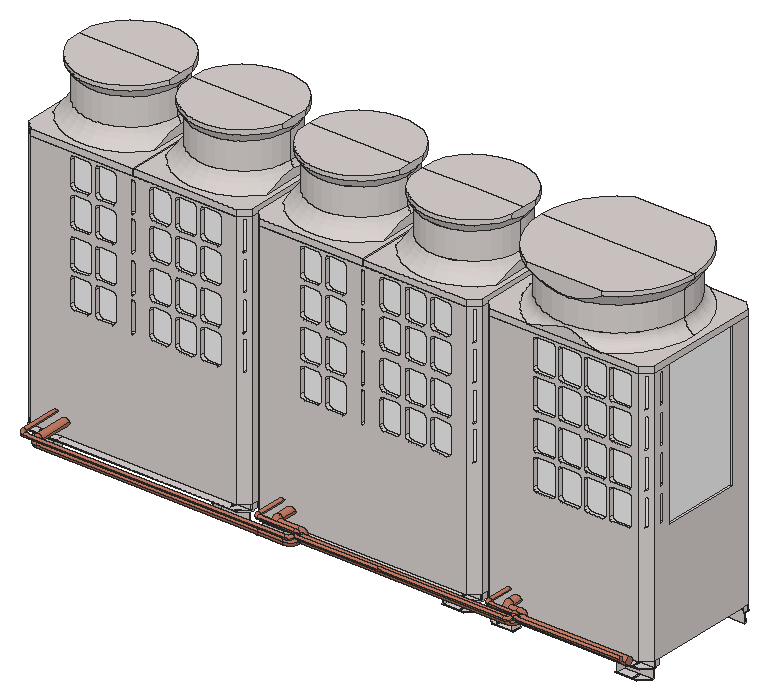
Revit family "PUHY-EP950YSNW-A", category Mechanical Equipment, Revit 2012
Parameters (values of type "PUHY-P950YSNW-A_415V_60Hz")
  Sound Pressure Level (dB(A)) Heating mode = 0
  Sound Pressure Level (dB(A)) Cooling mode = 68
  Model = "PUHY-P950YSNW-A"
  Width = 3460 mm
  WarrantyStart = ""
  Voltage = 415 V
  Unit Weight (kg) = 781
  URL = "http://www.mitsubishielectric.com/"
  Temp. range of heating (Outdoor temp.) (W.B.) = "-20.0 to 15.5"
  Temp. range of heating (Indoor temp.) (D.B.) = "15.0 to 27.0"
  TagNumber = 0
  Subcategory = "HVAC"
  Space View = yes
  SerialNumber = 0
  ReplacementYear = ""
  Refrigerant type = "R410A"
  Refrigerant Charge (kg) = 26.1
  Protection Devices_Inverter circuit (COMP./FAN) = "Over-heat protection, Over-current protection"
  Protection Devices_High pressure (MPa) = "High pressure sensor, High pressure switch at 4.15"
  Phase = 3
  Manufacturer = "Mitsubishi Electric Corporation"
  Outdoor unit 3 = PUHY-EP250YNW-A : PUHY-EP250YNW-A
  Outdoor unit 2 = PUHY-EP350YNW-A : PUHY-EP350YNW-A
  Outdoor unit 1 = PUHY-EP350YNW-A : PUHY-EP350YNW-A
  Note_1 = "Refrigerant pipe diameters may change depending on the installation condition. Please refer to the installation manual."
  Maximum Circuit Ampacity (A) = 70.6
  Liquid pipe_radius = 9.525 mm
  InstallationDate = ""
  Indoor Unit Total Capacity = "50 to 130% of outdoor unit capacity"
  Indoor Unit Model/Quantity = "P15 to P250/2 to 50"
  Hertz = 60 Hz
  Height = 1858 mm
  Heating Power Input (kW) = 27.2
  Heating Current (A) = 42
  Heating Capacity (kW) = 119.5
  Heating COP (kW/kW) = 4.39
  Gas pipe_radius = 20.64 mm
  Fan_Type = "Propeller Fan"
  Fan_Quantity = 5
  Fan Motor Output (kW) = 2.76
  External static pressure (Pa) = 0
  External Finish = "Pre-coated galvanized steel sheets (+powder coating for -BS type) <MUNSELL 5Y 8/1 or similar>"
  Equip_description = ""
  Equip_No. = 0
  Equip_ID = ""
  Description = ""
  Depth = 740 mm
  CreatedOn = ""
  CreatedBy = ""
  Cooling Power Input (kW) = 26.13
  Cooling EER (kW/kW) = 4.13
  Cooling Current (A) = 40.3
  Cooling Capacity (kW) = 108
  Compressor_Type = "Inverter scroll hermetic compressor"
  Compressor_Quantity = 3
  Compressor_Lubricant = "MEL32"
  Compressor Motor Output (kW) = 26.6
  Category = ""
  Barcode = ""
  AssetIdentifier = ""
  Airflow Rate (m3/min) = 725
  Airflow Rate (m3/h) = 43500
Reference planes
  plane 1 "Center (Front/Back)": y = 0
  plane 2: z = 0
  plane 3 "Center (Left/Right)": x = -160
  plane 4: z = 1710
  plane 5: z = 60
  plane 6: y = 370
  plane 7 "front": y = -370
  plane 8: x = -1890
  plane 9: x = 1570
  plane 10: x = -620
  plane 11: x = 620
  plane 12: x = -650
  plane 13: x = 650
  plane 14: y = 370
  plane 15: y = -370
  plane 16: z = 1858
Forms (mm)
  Sweep 1, solid, material "Copper"
    path origin (137.855, 17.925, 207.255) x (0, -1, 0) y (1, 0, 0)
      loop
        line (380, -1839.039) -> (605, -1839.039)
        arc (605, -1839.039) -> (626.213, -1830.253) -> (635, -1809.039) r 30
        line (635, -1809.039) -> (635, -368.337)
        arc (635, -368.337) -> (629.142, -354.195) -> (615, -348.337) r 20
        line (615, -348.337) -> (590, -348.337)
        arc (590, -348.337) -> (575.858, -354.195) -> (570, -368.337) r 20
        line (570, -368.337) -> (570, -568.337)
        arc (570, -568.337) -> (564.142, -582.479) -> (550, -588.337) r 20
        line (550, -588.337) -> (380, -588.337)
    profile origin (-1701.184, -474.575, 207.255) x (1, 0, 0) y (0, 0, 1)
      loop
        circle (0, 0) r 9.525
  Sweep 2, solid, material "Copper"
    path origin (111.295, 17.925, 173.255) x (-1, 0, 0) y (0, -1, 0)
      loop
        line (1758.141, 380) -> (1758.141, 575)
        arc (1758.141, 575) -> (1747.889, 599.749) -> (1723.141, 610) r 35
        line (1723.141, 610) -> (502, 610) -> (364.723, 610)
        arc (364.723, 610) -> (339.974, 599.749) -> (329.723, 575) r 35
        line (329.723, 575) -> (329.723, 545)
        arc (329.723, 545) -> (339.974, 520.251) -> (364.723, 510) r 35
        line (364.723, 510) -> (475.673, 510)
        arc (475.673, 510) -> (500.421, 499.749) -> (510.673, 475) r 35
        line (510.673, 475) -> (510.673, 380)
    profile origin (-1646.846, -459.575, 173.255) x (1, 0, 0) y (0, 0, 1)
      loop
        circle (0, 0) r 20.64
  Sweep 3, solid, material "Copper"
    path origin (214.685, 17.925, 207.255) x (0, -1, 0) y (1, 0, 0)
      loop
        line (605, -426.689) -> (605, 43.311) -> (605, 737.327)
        arc (605, 737.327) -> (599.142, 751.469) -> (585, 757.327) r 20
        line (585, 757.327) -> (560.96, 757.327)
        arc (560.96, 757.327) -> (546.818, 751.469) -> (540.96, 737.327) r 20
        line (540.96, 737.327) -> (540.96, 607.327)
        arc (540.96, 607.327) -> (535.102, 593.185) -> (520.96, 587.327) r 20
        line (520.96, 587.327) -> (380, 587.327)
    profile origin (22.996, -587.075, 207.255) x (0, 1, 0) y (0, 0, 1)
      loop
        circle (0, 0) r 9.525
  Sweep 4, solid, material "Copper"
    path origin (188.125, 17.925, 173.255) x (-1, 0, 0) y (0, -1, 0)
      loop
        line (406.853, 555.96) -> (-741.149, 555.96)
        arc (-741.149, 555.96) -> (-765.897, 545.709) -> (-776.149, 520.96) r 35
        line (-776.149, 520.96) -> (-776.149, 510)
        arc (-776.149, 510) -> (-765.897, 485.251) -> (-741.149, 475) r 35
        line (-741.149, 475) -> (-696.149, 475)
        arc (-696.149, 475) -> (-671.4, 464.749) -> (-661.149, 440) r 35
        line (-661.149, 440) -> (-661.149, 380)
    profile origin (355.273, -538.035, 173.255) x (0, 1, 0) y (0, 0, 1)
      loop
        circle (0, 0) r 20.64
  Sweep 5, solid, material "Copper"
    path origin (114.685, 17.925, 207.255) x (0, -1, 0) y (1, 0, 0)
      loop
        line (572.806, 865.315) -> (572.806, 1455.315)
    profile origin (1275, -554.881, 207.255) x (0, 1, 0) y (0, 0, 1)
      loop
        circle (0, 0) r 9.525
  Sweep 6, solid, material "Copper"
    path origin (88.125, 17.925, 173.255) x (-1, 0, 0) y (0, -1, 0)
      loop
        line (-886.875, 515.995) -> (-1481.875, 515.995)
    profile origin (1272.5, -498.07, 173.255) x (0, 1, 0) y (0, 0, 1)
      loop
        circle (0, 0) r 20.64
Dimensions and locks
  nested 2 to nested 1 = 30 mm
  nested 1 to nested 3 = 30 mm
  nested 1 to nested 1 = 1240 mm
  nested 2 to nested 2 = 1240 mm
  nested 3 to nested 3 = 920 mm
  "Liquid pipe_radius": radius of Sweep 5 sketch curve
  "Gas pipe_radius": radius of Sweep 6 sketch curve
  aligned and locked: level to plane 2
Automatic sketch dimensions
  Sweep 1 sketch curve to plane 7 "front" = 7.925 mm  (x2)
  plane 7 "front" to Sweep 1 sketch curve = 162.075 mm
  Sweep 1 sketch curve to plane 3 "Center (Left/Right)" = 70.482 mm
  Sweep 1 sketch curve to Sweep 1 sketch curve = 20 mm
  Sweep 1 sketch curve to plane 3 "Center (Left/Right)" = 50.482 mm
  plane 7 "front" to Sweep 1 sketch curve = 217.075 mm
  Sweep 1 sketch curve to Sweep 1 sketch curve = 25 mm
  Sweep 1 sketch curve to Sweep 1 sketch curve = 30 mm
  Sweep 1 sketch curve to plane 3 "Center (Left/Right)" = 270.482 mm
  profile plane to Sweep 1 sketch curve = 0 mm
  Sweep 1 sketch curve to profile plane = 0 mm
  Sweep 2 sketch curve to plane 3 "Center (Left/Right)" = 58.427 mm
  Sweep 2 sketch curve to plane 3 "Center (Left/Right)" = 93.427 mm  (x2)
  Sweep 2 sketch curve to plane 3 "Center (Left/Right)" = 204.377 mm
  Sweep 2 sketch curve to plane 3 "Center (Left/Right)" = 230.705 mm
  Sweep 2 sketch curve to Sweep 2 sketch curve = 35 mm  (x2)
  plane 7 "front" to Sweep 2 sketch curve = 222.075 mm
  Sweep 2 sketch curve to Sweep 2 sketch curve = 30 mm
  Sweep 2 sketch curve to plane 7 "front" = 7.925 mm  (x2)
  profile plane to Sweep 2 sketch curve = 0 mm
  Sweep 2 sketch curve to profile plane = 0 mm
  Sweep 3 sketch curve to profile plane = 0 mm  (x2)
  plane 7 "front" to Sweep 4 sketch curve = 122.075 mm
  plane 7 "front" to Sweep 4 sketch curve = 87.075 mm
  Sweep 4 sketch curve to Sweep 4 sketch curve = 0 mm
  Sweep 4 sketch curve to Sweep 4 sketch curve = 45 mm
  plane 7 "front" to Sweep 4 sketch curve = 52.075 mm
  Sweep 4 sketch curve to plane 3 "Center (Left/Right)" = 58.728 mm
  Sweep 4 sketch curve to Sweep 4 sketch curve = 60 mm
  Sweep 4 sketch curve to Sweep 4 sketch curve = 10.96 mm
  Sweep 4 sketch curve to profile plane = 0 mm  (x2)
  Sweep 5 sketch curve to profile plane = 0 mm  (x2)
  Sweep 6 sketch curve to profile plane = 0 mm  (x2)
  Sweep 3 sketch curve to plane 7 "front" = 7.925 mm
  plane 7 "front" to Sweep 3 sketch curve = 133.035 mm
  Sweep 3 sketch curve to Sweep 3 sketch curve = 20 mm  (x2)
  Sweep 3 sketch curve to Sweep 3 sketch curve = 24.04 mm
  plane 7 "front" to Sweep 3 sketch curve = 217.075 mm
  Sweep 3 sketch curve to plane 3 "Center (Left/Right)" = 52.004 mm
  Sweep 3 sketch curve to Sweep 3 sketch curve = 470 mm
  Sweep 3 sketch curve to Sweep 3 sketch curve = 544.016 mm
  Sweep 3 sketch curve to Sweep 3 sketch curve = 130 mm
  Sweep 1 sketch curve to Sweep 1 sketch curve = 1220.702 mm
  Sweep 2 sketch curve to Sweep 2 sketch curve = 1212.468 mm
  Sweep 4 sketch curve to Sweep 4 sketch curve = 1068.002 mm
  Sweep 5 sketch curve to plane 9 = 0 mm
  plane 7 "front" to Sweep 5 sketch curve = 184.881 mm
  plane 13 to Sweep 5 sketch curve = 330 mm
  Sweep 6 sketch curve to plane 9 = 0 mm
  plane 7 "front" to Sweep 6 sketch curve = 128.07 mm
  plane 13 to Sweep 6 sketch curve = 325 mm
  radius of Sweep 1 sketch curve = 9.525 mm
  radius of Sweep 2 sketch curve = 20.64 mm
  radius of Sweep 3 sketch curve = 9.525 mm
  radius of Sweep 4 sketch curve = 20.64 mm
Nested families
  nested 1: "PUHY-EP350YNW-A" at (0, 0, 0), type <- "Outdoor unit 2", type "PUHY-EP350YNW-A"
  nested 2: "PUHY-EP350YNW-A" at (-1270, 0, 0), type <- "Outdoor unit 1", type "PUHY-EP350YNW-A"
  nested 3: "PUHY-EP250YNW-A" at (1110, 0, 0), type <- "Outdoor unit 3", type "PUHY-EP250YNW-A"
Connectors
  piping at (1570, -498.07, 173.255), driven by "Gas pipe_radius"
    settings: on Sweep 6, index 1, connector radius 20.64 mm, flow factor 0, pipe flow 0.0 L/s, pressure drop 0.0 Pa, fitting loss kfactor 0, connector angle 0.00°, fixture units 0, engagement length 0 mm, flow configuration 0, flow direction 0, fitting loss method 0, system type 22, joint type 0, gender type 0, connector reference index -1, connector utility 0, adjustable connector no, is connector primary yes, fitting loss table "", connector description "Indoor unit-Twinning pipe(Gas)"
  piping at (1570, -554.881, 207.255), driven by "Liquid pipe_radius"
    settings: on Sweep 5, index 2, connector radius 9.525 mm, flow factor 0, pipe flow 0.0 L/s, pressure drop 0.0 Pa, fitting loss kfactor 0, connector angle 0.00°, fixture units 0, engagement length 0 mm, flow configuration 0, flow direction 0, fitting loss method 0, system type 22, joint type 0, gender type 0, connector reference index -1, connector utility 0, adjustable connector no, is connector primary no, fitting loss table "", connector description "Indoor unit-Twinning pipe(Liquid)"
  electrical at (992, -370, 279), driven by "Phase", driven by "Voltage"
    settings: index 3, voltage 415 V, apparent load 0 VA, apparent load phase1 0 VA, apparent load phase2 0 VA, apparent load phase3 0 VA, power factor 1, load classification "その他", number of poles 3, system type 30, power factor state 1, is connector primary yes, connector utility no, sub classification motor no, connector description ""
  electrical at (-258, -370, 279), driven by "Phase", driven by "Voltage"
    settings: index 4, voltage 415 V, apparent load 0 VA, apparent load phase1 0 VA, apparent load phase2 0 VA, apparent load phase3 0 VA, power factor 1, load classification "その他", number of poles 3, system type 30, power factor state 1, is connector primary no, connector utility no, sub classification motor no, connector description ""
  electrical at (-1508, -370, 279), driven by "Phase", driven by "Voltage"
    settings: index 5, voltage 415 V, apparent load 0 VA, apparent load phase1 0 VA, apparent load phase2 0 VA, apparent load phase3 0 VA, power factor 1, load classification "その他", number of poles 3, system type 30, power factor state 1, is connector primary no, connector utility no, sub classification motor no, connector description ""
Definition of nested family "PUHY-EP350YNW-A"
  Parameters (values of type "PUHY-P350YNW-A")
    Model = "PUHY-P350YNW-A"
    URL = "http://www.mitsubishielectric.com/"
    Manufacturer = "Mitsubishi Electric Corporation"
    Liquid pipe_radius = 12.7 mm
    Gas pipe_radius = 14.29 mm
  Reference planes
    plane 1 "Center (Front/Back)": y = 0
    plane 2: z = 0
    plane 3 "Center (Left/Right)": x = 0
    plane 4: y = 370
    plane 5: z = 1858
    plane 6: y = -260
    plane 7: y = -204
    plane 8: y = -185
    plane 9: x = -620
    plane 10: x = 620
    plane 11: x = -620
    plane 12: z = 716
    plane 13: x = -524
    plane 14: z = 669
    plane 15: x = -50.5
    plane 16: x = 51
    plane 17: x = 489
    plane 18: x = 467
    plane 19 "132": x = 488
    plane 20 "100": z = 160
    plane 21: z = 185
    plane 22: x = 413
    plane 23: x = 364
    plane 24: z = 150
    plane 25: x = -287.25
    plane 26: x = -137.25
    plane 27: x = -272.25
    plane 28: y = -278
    plane 29: z = 1509
    plane 30: y = -370
    plane 31: x = -530
    plane 32: x = 530
    plane 33 "179": y = -191
  Forms (mm)
    Extrusion 1, solid, material "Paint_5Y 8/1"
      sketch origin (-1, 0, 113) x (-1, 0, 0) y (0, -1, 0)
        loop
          line (569, -370) -> (619, -320) -> (619, 320) -> (569, 370) -> (-571, 370) -> (-621, 320) -> (-621, -320) -> (-571, -370) -> (569, -370)
      from -18 to 1408
    Extrusion 2, void
      sketch origin (524, -370, 113) x (1, 0, 0) y (0, 0, -1)
        loop
          arc (-60.8, -1393.5) -> (-42.557, -1385.943) -> (-35, -1367.7) r 25.8
          line (-35, -1367.7) -> (-35, -1248.5)
          arc (-35, -1248.5) -> (-42.557, -1230.257) -> (-60.8, -1222.7) r 25.8
          line (-60.8, -1222.7) -> (-126, -1222.7)
          arc (-126, -1222.7) -> (-144.243, -1230.257) -> (-151.8, -1248.5) r 25.8
          line (-151.8, -1248.5) -> (-151.8, -1367.7)
          arc (-151.8, -1367.7) -> (-144.243, -1385.943) -> (-126, -1393.5) r 25.8
          line (-126, -1393.5) -> (-60.8, -1393.5)
      from 0 to 20
    Extrusion 3, void
      sketch origin (524, -370, -81) x (1, 0, 0) y (0, 0, -1)
        loop
          arc (-60.8, -1393.5) -> (-42.557, -1385.943) -> (-35, -1367.7) r 25.8
          line (-35, -1367.7) -> (-35, -1248.5)
          arc (-35, -1248.5) -> (-42.557, -1230.257) -> (-60.8, -1222.7) r 25.8
          line (-60.8, -1222.7) -> (-126, -1222.7)
          arc (-126, -1222.7) -> (-144.243, -1230.257) -> (-151.8, -1248.5) r 25.8
          line (-151.8, -1248.5) -> (-151.8, -1367.7)
          arc (-151.8, -1367.7) -> (-144.243, -1385.943) -> (-126, -1393.5) r 25.8
          line (-126, -1393.5) -> (-60.8, -1393.5)
      from 0 to 20
    Extrusion 4, void
      sketch origin (524, -370, -287) x (1, 0, 0) y (0, 0, -1)
        loop
          arc (-60.8, -1393.5) -> (-42.557, -1385.943) -> (-35, -1367.7) r 25.8
          line (-35, -1367.7) -> (-35, -1248.5)
          arc (-35, -1248.5) -> (-42.557, -1230.257) -> (-60.8, -1222.7) r 25.8
          line (-60.8, -1222.7) -> (-126, -1222.7)
          arc (-126, -1222.7) -> (-144.243, -1230.257) -> (-151.8, -1248.5) r 25.8
          line (-151.8, -1248.5) -> (-151.8, -1367.7)
          arc (-151.8, -1367.7) -> (-144.243, -1385.943) -> (-126, -1393.5) r 25.8
          line (-126, -1393.5) -> (-60.8, -1393.5)
      from 0 to 20
    Extrusion 5, void
      sketch origin (524, -370, -481) x (1, 0, 0) y (0, 0, -1)
        loop
          arc (-60.8, -1393.5) -> (-42.557, -1385.943) -> (-35, -1367.7) r 25.8
          line (-35, -1367.7) -> (-35, -1248.5)
          arc (-35, -1248.5) -> (-42.557, -1230.257) -> (-60.8, -1222.7) r 25.8
          line (-60.8, -1222.7) -> (-126, -1222.7)
          arc (-126, -1222.7) -> (-144.243, -1230.257) -> (-151.8, -1248.5) r 25.8
          line (-151.8, -1248.5) -> (-151.8, -1367.7)
          arc (-151.8, -1367.7) -> (-144.243, -1385.943) -> (-126, -1393.5) r 25.8
          line (-126, -1393.5) -> (-60.8, -1393.5)
      from 0 to 20
    Extrusion 6, void
      sketch origin (384, -370, 113) x (1, 0, 0) y (0, 0, -1)
        loop
          arc (-60.8, -1393.5) -> (-42.557, -1385.943) -> (-35, -1367.7) r 25.8
          line (-35, -1367.7) -> (-35, -1248.5)
          arc (-35, -1248.5) -> (-42.557, -1230.257) -> (-60.8, -1222.7) r 25.8
          line (-60.8, -1222.7) -> (-126, -1222.7)
          arc (-126, -1222.7) -> (-144.243, -1230.257) -> (-151.8, -1248.5) r 25.8
          line (-151.8, -1248.5) -> (-151.8, -1367.7)
          arc (-151.8, -1367.7) -> (-144.243, -1385.943) -> (-126, -1393.5) r 25.8
          line (-126, -1393.5) -> (-60.8, -1393.5)
      from 0 to 20
    Extrusion 7, void
      sketch origin (384, -370, -81) x (1, 0, 0) y (0, 0, -1)
        loop
          arc (-60.8, -1393.5) -> (-42.557, -1385.943) -> (-35, -1367.7) r 25.8
          line (-35, -1367.7) -> (-35, -1248.5)
          arc (-35, -1248.5) -> (-42.557, -1230.257) -> (-60.8, -1222.7) r 25.8
          line (-60.8, -1222.7) -> (-126, -1222.7)
          arc (-126, -1222.7) -> (-144.243, -1230.257) -> (-151.8, -1248.5) r 25.8
          line (-151.8, -1248.5) -> (-151.8, -1367.7)
          arc (-151.8, -1367.7) -> (-144.243, -1385.943) -> (-126, -1393.5) r 25.8
          line (-126, -1393.5) -> (-60.8, -1393.5)
      from 0 to 20
    Extrusion 8, void
      sketch origin (384, -370, -287) x (1, 0, 0) y (0, 0, -1)
        loop
          arc (-60.8, -1393.5) -> (-42.557, -1385.943) -> (-35, -1367.7) r 25.8
          line (-35, -1367.7) -> (-35, -1248.5)
          arc (-35, -1248.5) -> (-42.557, -1230.257) -> (-60.8, -1222.7) r 25.8
          line (-60.8, -1222.7) -> (-126, -1222.7)
          arc (-126, -1222.7) -> (-144.243, -1230.257) -> (-151.8, -1248.5) r 25.8
          line (-151.8, -1248.5) -> (-151.8, -1367.7)
          arc (-151.8, -1367.7) -> (-144.243, -1385.943) -> (-126, -1393.5) r 25.8
          line (-126, -1393.5) -> (-60.8, -1393.5)
      from 0 to 20
    Extrusion 9, void
      sketch origin (384, -370, -481) x (1, 0, 0) y (0, 0, -1)
        loop
          arc (-60.8, -1393.5) -> (-42.557, -1385.943) -> (-35, -1367.7) r 25.8
          line (-35, -1367.7) -> (-35, -1248.5)
          arc (-35, -1248.5) -> (-42.557, -1230.257) -> (-60.8, -1222.7) r 25.8
          line (-60.8, -1222.7) -> (-126, -1222.7)
          arc (-126, -1222.7) -> (-144.243, -1230.257) -> (-151.8, -1248.5) r 25.8
          line (-151.8, -1248.5) -> (-151.8, -1367.7)
          arc (-151.8, -1367.7) -> (-144.243, -1385.943) -> (-126, -1393.5) r 25.8
          line (-126, -1393.5) -> (-60.8, -1393.5)
      from 0 to 20
    Extrusion 10, void
      sketch origin (244, -370, 113) x (1, 0, 0) y (0, 0, -1)
        loop
          arc (-60.8, -1393.5) -> (-42.557, -1385.943) -> (-35, -1367.7) r 25.8
          line (-35, -1367.7) -> (-35, -1248.5)
          arc (-35, -1248.5) -> (-42.557, -1230.257) -> (-60.8, -1222.7) r 25.8
          line (-60.8, -1222.7) -> (-126, -1222.7)
          arc (-126, -1222.7) -> (-144.243, -1230.257) -> (-151.8, -1248.5) r 25.8
          line (-151.8, -1248.5) -> (-151.8, -1367.7)
          arc (-151.8, -1367.7) -> (-144.243, -1385.943) -> (-126, -1393.5) r 25.8
          line (-126, -1393.5) -> (-60.8, -1393.5)
      from 0 to 20
    Extrusion 11, void
      sketch origin (244, -370, -81) x (1, 0, 0) y (0, 0, -1)
        loop
          arc (-60.8, -1393.5) -> (-42.557, -1385.943) -> (-35, -1367.7) r 25.8
          line (-35, -1367.7) -> (-35, -1248.5)
          arc (-35, -1248.5) -> (-42.557, -1230.257) -> (-60.8, -1222.7) r 25.8
          line (-60.8, -1222.7) -> (-126, -1222.7)
          arc (-126, -1222.7) -> (-144.243, -1230.257) -> (-151.8, -1248.5) r 25.8
          line (-151.8, -1248.5) -> (-151.8, -1367.7)
          arc (-151.8, -1367.7) -> (-144.243, -1385.943) -> (-126, -1393.5) r 25.8
          line (-126, -1393.5) -> (-60.8, -1393.5)
      from 0 to 20
    Extrusion 12, void
      sketch origin (244, -370, -287) x (1, 0, 0) y (0, 0, -1)
        loop
          arc (-60.8, -1393.5) -> (-42.557, -1385.943) -> (-35, -1367.7) r 25.8
          line (-35, -1367.7) -> (-35, -1248.5)
          arc (-35, -1248.5) -> (-42.557, -1230.257) -> (-60.8, -1222.7) r 25.8
          line (-60.8, -1222.7) -> (-126, -1222.7)
          arc (-126, -1222.7) -> (-144.243, -1230.257) -> (-151.8, -1248.5) r 25.8
          line (-151.8, -1248.5) -> (-151.8, -1367.7)
          arc (-151.8, -1367.7) -> (-144.243, -1385.943) -> (-126, -1393.5) r 25.8
          line (-126, -1393.5) -> (-60.8, -1393.5)
      from 0 to 20
    Extrusion 13, void
      sketch origin (244, -370, -481) x (1, 0, 0) y (0, 0, -1)
        loop
          arc (-60.8, -1393.5) -> (-42.557, -1385.943) -> (-35, -1367.7) r 25.8
          line (-35, -1367.7) -> (-35, -1248.5)
          arc (-35, -1248.5) -> (-42.557, -1230.257) -> (-60.8, -1222.7) r 25.8
          line (-60.8, -1222.7) -> (-126, -1222.7)
          arc (-126, -1222.7) -> (-144.243, -1230.257) -> (-151.8, -1248.5) r 25.8
          line (-151.8, -1248.5) -> (-151.8, -1367.7)
          arc (-151.8, -1367.7) -> (-144.243, -1385.943) -> (-126, -1393.5) r 25.8
          line (-126, -1393.5) -> (-60.8, -1393.5)
      from 0 to 20
    Extrusion 14, void
      sketch origin (-56, -370, 113) x (1, 0, 0) y (0, 0, -1)
        loop
          arc (-60.8, -1393.5) -> (-42.557, -1385.943) -> (-35, -1367.7) r 25.8
          line (-35, -1367.7) -> (-35, -1248.5)
          arc (-35, -1248.5) -> (-42.557, -1230.257) -> (-60.8, -1222.7) r 25.8
          line (-60.8, -1222.7) -> (-126, -1222.7)
          arc (-126, -1222.7) -> (-144.243, -1230.257) -> (-151.8, -1248.5) r 25.8
          line (-151.8, -1248.5) -> (-151.8, -1367.7)
          arc (-151.8, -1367.7) -> (-144.243, -1385.943) -> (-126, -1393.5) r 25.8
          line (-126, -1393.5) -> (-60.8, -1393.5)
      from 0 to 20
    Extrusion 15, void
      sketch origin (-56, -370, -81) x (1, 0, 0) y (0, 0, -1)
        loop
          arc (-60.8, -1393.5) -> (-42.557, -1385.943) -> (-35, -1367.7) r 25.8
          line (-35, -1367.7) -> (-35, -1248.5)
          arc (-35, -1248.5) -> (-42.557, -1230.257) -> (-60.8, -1222.7) r 25.8
          line (-60.8, -1222.7) -> (-126, -1222.7)
          arc (-126, -1222.7) -> (-144.243, -1230.257) -> (-151.8, -1248.5) r 25.8
          line (-151.8, -1248.5) -> (-151.8, -1367.7)
          arc (-151.8, -1367.7) -> (-144.243, -1385.943) -> (-126, -1393.5) r 25.8
          line (-126, -1393.5) -> (-60.8, -1393.5)
      from 0 to 20
    Extrusion 16, void
      sketch origin (-56, -370, -287) x (1, 0, 0) y (0, 0, -1)
        loop
          arc (-60.8, -1393.5) -> (-42.557, -1385.943) -> (-35, -1367.7) r 25.8
          line (-35, -1367.7) -> (-35, -1248.5)
          arc (-35, -1248.5) -> (-42.557, -1230.257) -> (-60.8, -1222.7) r 25.8
          line (-60.8, -1222.7) -> (-126, -1222.7)
          arc (-126, -1222.7) -> (-144.243, -1230.257) -> (-151.8, -1248.5) r 25.8
          line (-151.8, -1248.5) -> (-151.8, -1367.7)
          arc (-151.8, -1367.7) -> (-144.243, -1385.943) -> (-126, -1393.5) r 25.8
          line (-126, -1393.5) -> (-60.8, -1393.5)
      from 0 to 20
    Extrusion 17, void
      sketch origin (-56, -370, -481) x (1, 0, 0) y (0, 0, -1)
        loop
          arc (-60.8, -1393.5) -> (-42.557, -1385.943) -> (-35, -1367.7) r 25.8
          line (-35, -1367.7) -> (-35, -1248.5)
          arc (-35, -1248.5) -> (-42.557, -1230.257) -> (-60.8, -1222.7) r 25.8
          line (-60.8, -1222.7) -> (-126, -1222.7)
          arc (-126, -1222.7) -> (-144.243, -1230.257) -> (-151.8, -1248.5) r 25.8
          line (-151.8, -1248.5) -> (-151.8, -1367.7)
          arc (-151.8, -1367.7) -> (-144.243, -1385.943) -> (-126, -1393.5) r 25.8
          line (-126, -1393.5) -> (-60.8, -1393.5)
      from 0 to 20
    Extrusion 18, void
      sketch origin (-196, -370, 113) x (1, 0, 0) y (0, 0, -1)
        loop
          arc (-60.8, -1393.5) -> (-42.557, -1385.943) -> (-35, -1367.7) r 25.8
          line (-35, -1367.7) -> (-35, -1248.5)
          arc (-35, -1248.5) -> (-42.557, -1230.257) -> (-60.8, -1222.7) r 25.8
          line (-60.8, -1222.7) -> (-126, -1222.7)
          arc (-126, -1222.7) -> (-144.243, -1230.257) -> (-151.8, -1248.5) r 25.8
          line (-151.8, -1248.5) -> (-151.8, -1367.7)
          arc (-151.8, -1367.7) -> (-144.243, -1385.943) -> (-126, -1393.5) r 25.8
          line (-126, -1393.5) -> (-60.8, -1393.5)
      from 0 to 20
    Extrusion 19, void
      sketch origin (-196, -370, -81) x (1, 0, 0) y (0, 0, -1)
        loop
          arc (-60.8, -1393.5) -> (-42.557, -1385.943) -> (-35, -1367.7) r 25.8
          line (-35, -1367.7) -> (-35, -1248.5)
          arc (-35, -1248.5) -> (-42.557, -1230.257) -> (-60.8, -1222.7) r 25.8
          line (-60.8, -1222.7) -> (-126, -1222.7)
          arc (-126, -1222.7) -> (-144.243, -1230.257) -> (-151.8, -1248.5) r 25.8
          line (-151.8, -1248.5) -> (-151.8, -1367.7)
          arc (-151.8, -1367.7) -> (-144.243, -1385.943) -> (-126, -1393.5) r 25.8
          line (-126, -1393.5) -> (-60.8, -1393.5)
      from 0 to 20
    Extrusion 20, void
      sketch origin (-196, -370, -287) x (1, 0, 0) y (0, 0, -1)
        loop
          arc (-60.8, -1393.5) -> (-42.557, -1385.943) -> (-35, -1367.7) r 25.8
          line (-35, -1367.7) -> (-35, -1248.5)
          arc (-35, -1248.5) -> (-42.557, -1230.257) -> (-60.8, -1222.7) r 25.8
          line (-60.8, -1222.7) -> (-126, -1222.7)
          arc (-126, -1222.7) -> (-144.243, -1230.257) -> (-151.8, -1248.5) r 25.8
          line (-151.8, -1248.5) -> (-151.8, -1367.7)
          arc (-151.8, -1367.7) -> (-144.243, -1385.943) -> (-126, -1393.5) r 25.8
          line (-126, -1393.5) -> (-60.8, -1393.5)
      from 0 to 20
    Extrusion 21, void
      sketch origin (-196, -370, -481) x (1, 0, 0) y (0, 0, -1)
        loop
          arc (-60.8, -1393.5) -> (-42.557, -1385.943) -> (-35, -1367.7) r 25.8
          line (-35, -1367.7) -> (-35, -1248.5)
          arc (-35, -1248.5) -> (-42.557, -1230.257) -> (-60.8, -1222.7) r 25.8
          line (-60.8, -1222.7) -> (-126, -1222.7)
          arc (-126, -1222.7) -> (-144.243, -1230.257) -> (-151.8, -1248.5) r 25.8
          line (-151.8, -1248.5) -> (-151.8, -1367.7)
          arc (-151.8, -1367.7) -> (-144.243, -1385.943) -> (-126, -1393.5) r 25.8
          line (-126, -1393.5) -> (-60.8, -1393.5)
      from 0 to 20
    Extrusion 22, void
      sketch origin (620, 320, 113) x (0, 1, 0) y (0, 0, -1)
        loop
          line (-462.3, -1408) -> (-50.8, -1408) -> (-50.8, -612) -> (-462.3, -612) -> (-462.3, -1408)
      from 0 to 20
    Extrusion 23, void
      sketch origin (-620, -320, 113) x (0, -1, 0) y (0, 0, -1)
        loop
          line (-535.7, -1408) -> (-207.7, -1408) -> (-207.7, -592) -> (-535.7, -592) -> (-535.7, -1408)
      from 0 to 20
    Extrusion 24, void
      sketch origin (194.892, 370, 113) x (-1, 0, 0) y (0, 0, -1)
        loop
          arc (204.892, -1225.013) -> (194.892, -1215.013) -> (184.892, -1225.013) r 10
          line (184.892, -1225.013) -> (184.892, -1379.987)
          arc (184.892, -1379.987) -> (194.892, -1389.987) -> (204.892, -1379.987) r 10
          line (204.892, -1379.987) -> (204.892, -1225.013)
        loop
          arc (204.892, -1031.013) -> (194.892, -1021.013) -> (184.892, -1031.013) r 10
          line (184.892, -1031.013) -> (184.892, -1185.987)
          arc (184.892, -1185.987) -> (194.892, -1195.987) -> (204.892, -1185.987) r 10
          line (204.892, -1185.987) -> (204.892, -1031.013)
        loop
          arc (204.892, -825.013) -> (194.892, -815.013) -> (184.892, -825.013) r 10
          line (184.892, -825.013) -> (184.892, -979.987)
          arc (184.892, -979.987) -> (194.892, -989.987) -> (204.892, -979.987) r 10
          line (204.892, -979.987) -> (204.892, -825.013)
        loop
          arc (204.892, -631.013) -> (194.892, -621.013) -> (184.892, -631.013) r 10
          line (184.892, -631.013) -> (184.892, -785.987)
          arc (184.892, -785.987) -> (194.892, -795.987) -> (204.892, -785.987) r 10
          line (204.892, -785.987) -> (204.892, -631.013)
      from 0 to 20
    Extrusion 25, void
      sketch origin (-570, 370, 113) x (0.707107, 0.707107, 0) y (0, 0, 1)
        loop
          arc (-45.355, 1236) -> (-35.355, 1226) -> (-25.355, 1236) r 10
          line (-25.355, 1236) -> (-25.355, 1386)
          arc (-25.355, 1386) -> (-35.355, 1396) -> (-45.355, 1386) r 10
          line (-45.355, 1386) -> (-45.355, 1236)
        loop
          arc (-45.355, 1036) -> (-35.355, 1026) -> (-25.355, 1036) r 10
          line (-25.355, 1036) -> (-25.355, 1186)
          arc (-25.355, 1186) -> (-35.355, 1196) -> (-45.355, 1186) r 10
          line (-45.355, 1186) -> (-45.355, 1036)
        loop
          arc (-45.355, 836) -> (-35.355, 826) -> (-25.355, 836) r 10
          line (-25.355, 836) -> (-25.355, 986)
          arc (-25.355, 986) -> (-35.355, 996) -> (-45.355, 986) r 10
          line (-45.355, 986) -> (-45.355, 836)
        loop
          arc (-45.355, 641) -> (-35.355, 631) -> (-25.355, 641) r 10
          line (-25.355, 641) -> (-25.355, 791)
          arc (-25.355, 791) -> (-35.355, 801) -> (-45.355, 791) r 10
          line (-45.355, 791) -> (-45.355, 641)
      from 0 to 20
    Extrusion 26, void
      sketch origin (-620, -320, 113) x (0, -1, 0) y (0, 0, -1)
        loop
          line (-607.846, -1035.895) -> (-607.846, -1186.105)
          arc (-607.846, -1186.105) -> (-597.846, -1196.105) -> (-587.846, -1186.105) r 10
          line (-587.846, -1186.105) -> (-587.846, -1035.895)
          arc (-587.846, -1035.895) -> (-597.846, -1025.895) -> (-607.846, -1035.895) r 10
        loop
          line (-607.846, -835.895) -> (-607.846, -986.105)
          arc (-607.846, -986.105) -> (-597.846, -996.105) -> (-587.846, -986.105) r 10
          line (-587.846, -986.105) -> (-587.846, -835.895)
          arc (-587.846, -835.895) -> (-597.846, -825.895) -> (-607.846, -835.895) r 10
        loop
          line (-607.846, -1235.895) -> (-607.846, -1386.105)
          arc (-607.846, -1386.105) -> (-597.846, -1396.105) -> (-587.846, -1386.105) r 10
          line (-587.846, -1386.105) -> (-587.846, -1235.895)
          arc (-587.846, -1235.895) -> (-597.846, -1225.895) -> (-607.846, -1235.895) r 10
        loop
          line (-607.846, -635.895) -> (-607.846, -786.105)
          arc (-607.846, -786.105) -> (-597.846, -796.105) -> (-587.846, -786.105) r 10
          line (-587.846, -786.105) -> (-587.846, -635.895)
          arc (-587.846, -635.895) -> (-597.846, -625.895) -> (-607.846, -635.895) r 10
      from 0 to 20
    Extrusion 27, void
      sketch origin (1079, -370, 113) x (1, 0, 0) y (0, 0, -1)
        loop
          arc (-1089, -1379.975) -> (-1079, -1389.975) -> (-1069, -1379.975) r 10
          line (-1069, -1379.975) -> (-1069, -1225)
          arc (-1069, -1225) -> (-1079, -1215) -> (-1089, -1225) r 10
          line (-1089, -1225) -> (-1089, -1379.975)
        loop
          arc (-1089, -1185.975) -> (-1079, -1195.975) -> (-1069, -1185.975) r 10
          line (-1069, -1185.975) -> (-1069, -1031)
          arc (-1069, -1031) -> (-1079, -1021) -> (-1089, -1031) r 10
          line (-1089, -1031) -> (-1089, -1185.975)
        loop
          arc (-1089, -979.975) -> (-1079, -989.975) -> (-1069, -979.975) r 10
          line (-1069, -979.975) -> (-1069, -825)
          arc (-1069, -825) -> (-1079, -815) -> (-1089, -825) r 10
          line (-1089, -825) -> (-1089, -979.975)
        loop
          arc (-1089, -785.975) -> (-1079, -795.975) -> (-1069, -785.975) r 10
          line (-1069, -785.975) -> (-1069, -631)
          arc (-1069, -631) -> (-1079, -621) -> (-1089, -631) r 10
          line (-1089, -631) -> (-1089, -785.975)
      from 0 to 20
    Extrusion 28, void
      sketch origin (-571, 370, 113) x (-1, 0, 0) y (0, 0, -1)
        loop
          line (-519.5, -1408) -> (-48, -1408) -> (-48, -556) -> (-519.5, -556) -> (-519.5, -1408)
      from 0 to 20
    Extrusion 29, void
      sketch origin (-571, 370, 113) x (-1, 0, 0) y (0, 0, -1)
        loop
          line (-1038, -1408) -> (-622, -1408) -> (-622, -556) -> (-1038, -556) -> (-1038, -1408)
      from 0 to 20
    Extrusion 30, void
      sketch origin (620, 320, 113) x (0, 1, 0) y (0, 0, -1)
        loop
          arc (-588, -1035.791) -> (-598, -1025.791) -> (-608, -1035.791) r 10
          line (-608, -1035.791) -> (-608, -1186)
          arc (-608, -1186) -> (-598, -1196) -> (-588, -1186) r 10
          line (-588, -1186) -> (-588, -1035.791)
        loop
          arc (-588, -835.791) -> (-598, -825.791) -> (-608, -835.791) r 10
          line (-608, -835.791) -> (-608, -986)
          arc (-608, -986) -> (-598, -996) -> (-588, -986) r 10
          line (-588, -986) -> (-588, -835.791)
        loop
          arc (-588, -1235.791) -> (-598, -1225.791) -> (-608, -1235.791) r 10
          line (-608, -1235.791) -> (-608, -1386)
          arc (-608, -1386) -> (-598, -1396) -> (-588, -1386) r 10
          line (-588, -1386) -> (-588, -1235.791)
        loop
          arc (-588, -635.791) -> (-598, -625.791) -> (-608, -635.791) r 10
          line (-608, -635.791) -> (-608, -786)
          arc (-608, -786) -> (-598, -796) -> (-588, -786) r 10
          line (-588, -786) -> (-588, -635.791)
      from 0 to 20
    Extrusion 31, void
      sketch origin (1291.751, 351.751, 113) x (0.707107, 0.707107, 0) y (0, 0, -1)
        loop
          line (-995.311, -1236) -> (-995.311, -1386)
          arc (-995.311, -1386) -> (-985.311, -1396) -> (-975.311, -1386) r 10
          line (-975.311, -1386) -> (-975.311, -1236)
          arc (-975.311, -1236) -> (-985.311, -1226) -> (-995.311, -1236) r 10
        loop
          line (-995.311, -1036) -> (-995.311, -1186)
          arc (-995.311, -1186) -> (-985.311, -1196) -> (-975.311, -1186) r 10
          line (-975.311, -1186) -> (-975.311, -1036)
          arc (-975.311, -1036) -> (-985.311, -1026) -> (-995.311, -1036) r 10
        loop
          line (-995.311, -836) -> (-995.311, -986)
          arc (-995.311, -986) -> (-985.311, -996) -> (-975.311, -986) r 10
          line (-975.311, -986) -> (-975.311, -836)
          arc (-975.311, -836) -> (-985.311, -826) -> (-995.311, -836) r 10
        loop
          line (-995.311, -641) -> (-995.311, -791)
          arc (-995.311, -791) -> (-985.311, -801) -> (-975.311, -791) r 10
          line (-975.311, -791) -> (-975.311, -641)
          arc (-975.311, -641) -> (-985.311, -631) -> (-995.311, -641) r 10
      from 0 to 20
    Extrusion 32, void
      sketch origin (0, -191, 0) x (-1, 0, 0) y (0, 0, 1)
        loop
          circle (460, 176) r 6.35
      from 0 to 78.7
    Extrusion 33, void
      sketch origin (0, -191, 0) x (-1, 0, 0) y (0, 0, 1)
        loop
          circle (377, 176) r 14.29
      from 0 to 78.7
  Cuts and joins
    Extrusion 2, Extrusion 3, Extrusion 4, Extrusion 5, Extrusion 6, Extrusion 7, Extrusion 8, Extrusion 9, Extrusion 10, Extrusion 11, Extrusion 12, Extrusion 13, Extrusion 14, Extrusion 15, Extrusion 16, Extrusion 17, Extrusion 18, Extrusion 19, Extrusion 20, Extrusion 21, Extrusion 22, Extrusion 23, Extrusion 24, Extrusion 25, Extrusion 26, Extrusion 27, Extrusion 28, Extrusion 29, Extrusion 30, Extrusion 31, Extrusion 32, Extrusion 33 cuts Extrusion 1
  Lines and regions (mm)
    model lines
      curve 1: line (-351, -291, 95) -> (-481, -291, 95)
      curve 2: line (-342, -206, 95) -> (-342, -282, 95)
      curve 3: line (-481, -197, 95) -> (-351, -197, 95)
      curve 4: line (-492, -280, 95) -> (-492, -208, 95)
      curve 5: arc (-492, -280, 95) -> (-488.778, -287.778, 95) -> (-481, -291, 95) r 11
      curve 6: arc (-351, -291, 95) -> (-344.636, -288.364, 95) -> (-342, -282, 95) r 9
      curve 7: arc (-342, -206, 95) -> (-344.636, -199.636, 95) -> (-351, -197, 95) r 9
      curve 8: arc (-481, -197, 95) -> (-488.778, -200.222, 95) -> (-492, -208, 95) r 11
      curve 9: line (-30, -370, 1521) -> (-30, -370, 95)
      curve 10: line (30, -370, 1521) -> (30, -370, 95)
      curve 11: line (-485, -370, 215) -> (-357, -370, 215)
      curve 12: line (-495, -370, 141) -> (-495, -370, 205)
      curve 13: line (-357, -370, 131) -> (-485, -370, 131)
      curve 14: line (-347, -370, 205) -> (-347, -370, 141)
      curve 15: arc (-485, -370, 215) -> (-492.071, -370, 212.071) -> (-495, -370, 205) r 10
      curve 16: arc (-495, -370, 141) -> (-492.071, -370, 133.929) -> (-485, -370, 131) r 10
      curve 17: arc (-357, -370, 131) -> (-349.929, -370, 133.929) -> (-347, -370, 141) r 10
      curve 18: arc (-347, -370, 205) -> (-349.929, -370, 212.071) -> (-357, -370, 215) r 10
      curve 19: line (-405, -370, 1521) -> (-405, -370, 716)
      curve 20: line (620, -162.3, 1521) -> (620, -162.3, 95)
      curve 21: line (620, 289.2, 1521) -> (620, 289.2, 95)
      curve 22: line (620, -162.3, 705) -> (620, 289.2, 705)
      curve 23: line (620, -162.3, 725) -> (620, 289.2, 725)
      curve 24: line (620, -76.8, 583) -> (620, 203.2, 583)
      curve 25: line (620, 203.2, 563) -> (620, -76.8, 563)
      curve 26: arc (620, -76.8, 583) -> (620, -83.871, 580.071) -> (620, -86.8, 573) r 10
      curve 27: arc (620, -76.8, 563) -> (620, -83.871, 565.929) -> (620, -86.8, 573) r 10
      curve 28: arc (620, 203.2, 583) -> (620, 210.271, 580.071) -> (620, 213.2, 573) r 10
      curve 29: arc (620, 203.2, 563) -> (620, 210.271, 565.929) -> (620, 213.2, 573) r 10
      curve 30: line (620, -76.8, 478) -> (620, 203.2, 478)
      curve 31: line (620, 203.2, 458) -> (620, -76.8, 458)
      curve 32: arc (620, -76.8, 478) -> (620, -83.871, 475.071) -> (620, -86.8, 468) r 10
      curve 33: arc (620, -76.8, 458) -> (620, -83.871, 460.929) -> (620, -86.8, 468) r 10
      curve 34: arc (620, 203.2, 478) -> (620, 210.271, 475.071) -> (620, 213.2, 468) r 10
      curve 35: arc (620, 203.2, 458) -> (620, 210.271, 460.929) -> (620, 213.2, 468) r 10
      curve 36: line (620, -76.8, 373) -> (620, 203.2, 373)
      curve 37: line (620, 203.2, 353) -> (620, -76.8, 353)
      curve 38: arc (620, -76.8, 373) -> (620, -83.871, 370.071) -> (620, -86.8, 363) r 10
      curve 39: arc (620, -76.8, 353) -> (620, -83.871, 355.929) -> (620, -86.8, 363) r 10
      curve 40: arc (620, 203.2, 373) -> (620, 210.271, 370.071) -> (620, 213.2, 363) r 10
      curve 41: arc (620, 203.2, 353) -> (620, 210.271, 355.929) -> (620, 213.2, 363) r 10
      curve 42: line (620, -76.8, 268) -> (620, 203.2, 268)
      curve 43: line (620, 203.2, 248) -> (620, -76.8, 248)
      curve 44: arc (620, -76.8, 268) -> (620, -83.871, 265.071) -> (620, -86.8, 258) r 10
      curve 45: arc (620, -76.8, 248) -> (620, -83.871, 250.929) -> (620, -86.8, 258) r 10
      curve 46: arc (620, 203.2, 268) -> (620, 210.271, 265.071) -> (620, 213.2, 258) r 10
      curve 47: arc (620, 203.2, 248) -> (620, 210.271, 250.929) -> (620, 213.2, 258) r 10
      curve 48: line (-620, -162.3, 1521) -> (-620, -162.3, 95)
      curve 49: line (-620, 235.7, 1521) -> (-620, 235.7, 95)
      curve 50: line (-620, -112.3, 1521) -> (-620, -112.3, 705)
      curve 51: line (-620, 215.7, 1521) -> (-620, 215.7, 705)
      curve 52: line (-620, 235.7, 705) -> (-620, -162.3, 705)
      curve 53: line (-620, 176.7, 268) -> (-620, -103.3, 268)
      curve 54: line (-620, -103.3, 248) -> (-620, 176.7, 248)
      curve 55: arc (-620, 186.7, 258) -> (-620, 183.771, 265.071) -> (-620, 176.7, 268) r 10
      curve 56: arc (-620, 176.7, 248) -> (-620, 183.771, 250.929) -> (-620, 186.7, 258) r 10
      curve 57: arc (-620, -103.3, 268) -> (-620, -110.371, 265.071) -> (-620, -113.3, 258) r 10
      curve 58: arc (-620, -113.3, 258) -> (-620, -110.371, 250.929) -> (-620, -103.3, 248) r 10
      curve 59: line (-620, 176.7, 373) -> (-620, -103.3, 373)
      curve 60: line (-620, -103.3, 353) -> (-620, 176.7, 353)
      curve 61: arc (-620, 186.7, 363) -> (-620, 183.771, 370.071) -> (-620, 176.7, 373) r 10
      curve 62: arc (-620, 176.7, 353) -> (-620, 183.771, 355.929) -> (-620, 186.7, 363) r 10
      curve 63: arc (-620, -103.3, 373) -> (-620, -110.371, 370.071) -> (-620, -113.3, 363) r 10
      curve 64: arc (-620, -113.3, 363) -> (-620, -110.371, 355.929) -> (-620, -103.3, 353) r 10
      curve 65: line (-620, 176.7, 478) -> (-620, -103.3, 478)
      curve 66: line (-620, -103.3, 458) -> (-620, 176.7, 458)
      curve 67: arc (-620, 186.7, 468) -> (-620, 183.771, 475.071) -> (-620, 176.7, 478) r 10
      curve 68: arc (-620, 176.7, 458) -> (-620, 183.771, 460.929) -> (-620, 186.7, 468) r 10
      curve 69: arc (-620, -103.3, 478) -> (-620, -110.371, 475.071) -> (-620, -113.3, 468) r 10
      curve 70: arc (-620, -113.3, 468) -> (-620, -110.371, 460.929) -> (-620, -103.3, 458) r 10
      curve 71: line (-620, 176.7, 583) -> (-620, -103.3, 583)
      curve 72: line (-620, -103.3, 563) -> (-620, 176.7, 563)
      curve 73: arc (-620, 186.7, 573) -> (-620, 183.771, 580.071) -> (-620, 176.7, 583) r 10
      curve 74: arc (-620, 176.7, 563) -> (-620, 183.771, 565.929) -> (-620, 186.7, 573) r 10
      curve 75: arc (-620, -103.3, 583) -> (-620, -110.371, 580.071) -> (-620, -113.3, 573) r 10
      curve 76: arc (-620, -113.3, 573) -> (-620, -110.371, 565.929) -> (-620, -103.3, 563) r 10
      curve 77: line (-544, 370, 1521) -> (-544, 370, 95)
      curve 78: line (489, 370, 649) -> (30, 370, 649)
      curve 79: line (-30.5, 370, 649) -> (-544, 370, 649)
      curve 80: line (-147.25, 370, 584) -> (-427.25, 370, 584)
      curve 81: line (-427.25, 370, 564) -> (-147.25, 370, 564)
      curve 82: arc (-137.25, 370, 574) -> (-140.179, 370, 581.071) -> (-147.25, 370, 584) r 10
      curve 83: arc (-147.25, 370, 564) -> (-140.179, 370, 566.929) -> (-137.25, 370, 574) r 10
      curve 84: arc (-427.25, 370, 584) -> (-434.321, 370, 581.071) -> (-437.25, 370, 574) r 10
      curve 85: arc (-437.25, 370, 574) -> (-434.321, 370, 566.929) -> (-427.25, 370, 564) r 10
      curve 86: circle (448, -185, 1521) r 15 normal (0, 0, 1)
      curve 87: circle (468, -185, 95) r 26 normal (0, 0, 1)
      curve 88: circle (448, -260, 95) r 32.5 normal (0, 0, 1)
      curve 89: circle (404, -204, 95) r 17 normal (0, 0, 1)
      curve 90: line (-550, -370, 1521) -> (-550, -370, 95)
      curve 91: line (-550, -370, 716) -> (-30, -370, 716)
      curve 92: line (550, -370, 95) -> (550, -370, 1521)
      curve 93: line (30, -370, 716) -> (550, -370, 716)
      curve 94: line (-30.5, 370, 1521) -> (-30.5, 370, 95)
      curve 95: line (30, 370, 1521) -> (30, 370, 95)
      curve 96: line (489, 370, 1521) -> (489, 370, 95)
      curve 97: line (467, 370, 669) -> (467, 370, 649)
      curve 98: line (-352, -370, 223) -> (-550, -370, 223)
      curve 99: line (-342, -370, 213) -> (-342, -370, 95)
      curve 100: arc (-342, -370, 213) -> (-344.929, -370, 220.071) -> (-352, -370, 223) r 10
      curve 101: circle (488, -370, 160) r 32.5 normal (0, -1, 0)
      curve 102: circle (488, -370, 160) r 20 normal (0, -1, 0)
      curve 103: circle (364, -370, 150) r 17 normal (0, -1, 0)
      curve 104: circle (413, -370, 185) r 26 normal (0, -1, 0)
      curve 105: circle (413, -370, 185) r 13.5 normal (0, -1, 0)
      curve 106: line (352, -370, 223) -> (550, -370, 223)
      curve 107: line (342, -370, 213) -> (342, -370, 95)
      curve 108: arc (342, -370, 213) -> (344.929, -370, 220.071) -> (352, -370, 223) r 10
      curve 109: line (-147.25, 370, 479) -> (-427.25, 370, 479)
      curve 110: line (-427.25, 370, 459) -> (-147.25, 370, 459)
      curve 111: arc (-137.25, 370, 469) -> (-140.179, 370, 476.071) -> (-147.25, 370, 479) r 10
      curve 112: arc (-147.25, 370, 459) -> (-140.179, 370, 461.929) -> (-137.25, 370, 469) r 10
      curve 113: arc (-427.25, 370, 479) -> (-434.321, 370, 476.071) -> (-437.25, 370, 469) r 10
      curve 114: arc (-437.25, 370, 469) -> (-434.321, 370, 461.929) -> (-427.25, 370, 459) r 10
      curve 115: line (-147.25, 370, 374) -> (-427.25, 370, 374)
      curve 116: line (-427.25, 370, 354) -> (-147.25, 370, 354)
      curve 117: arc (-137.25, 370, 364) -> (-140.179, 370, 371.071) -> (-147.25, 370, 374) r 10
      curve 118: arc (-147.25, 370, 354) -> (-140.179, 370, 356.929) -> (-137.25, 370, 364) r 10
      curve 119: arc (-427.25, 370, 374) -> (-434.321, 370, 371.071) -> (-437.25, 370, 364) r 10
      curve 120: arc (-437.25, 370, 364) -> (-434.321, 370, 356.929) -> (-427.25, 370, 354) r 10
      curve 121: line (-147.25, 370, 269) -> (-427.25, 370, 269)
      curve 122: line (-427.25, 370, 249) -> (-147.25, 370, 249)
      curve 123: arc (-137.25, 370, 259) -> (-140.179, 370, 266.071) -> (-147.25, 370, 269) r 10
      curve 124: arc (-147.25, 370, 249) -> (-140.179, 370, 251.929) -> (-137.25, 370, 259) r 10
      curve 125: arc (-427.25, 370, 269) -> (-434.321, 370, 266.071) -> (-437.25, 370, 259) r 10
      curve 126: arc (-437.25, 370, 259) -> (-434.321, 370, 251.929) -> (-427.25, 370, 249) r 10
      curve 127: line (399.5, 370, 584) -> (119.5, 370, 584)
      curve 128: line (119.5, 370, 564) -> (399.5, 370, 564)
      curve 129: arc (409.5, 370, 574) -> (406.571, 370, 581.071) -> (399.5, 370, 584) r 10
      curve 130: arc (399.5, 370, 564) -> (406.571, 370, 566.929) -> (409.5, 370, 574) r 10
      curve 131: arc (119.5, 370, 584) -> (112.429, 370, 581.071) -> (109.5, 370, 574) r 10
      curve 132: arc (109.5, 370, 574) -> (112.429, 370, 566.929) -> (119.5, 370, 564) r 10
      curve 133: line (399.5, 370, 479) -> (119.5, 370, 479)
      curve 134: line (119.5, 370, 459) -> (399.5, 370, 459)
      curve 135: arc (409.5, 370, 469) -> (406.571, 370, 476.071) -> (399.5, 370, 479) r 10
      curve 136: arc (399.5, 370, 459) -> (406.571, 370, 461.929) -> (409.5, 370, 469) r 10
      curve 137: arc (119.5, 370, 479) -> (112.429, 370, 476.071) -> (109.5, 370, 469) r 10
      curve 138: arc (109.5, 370, 469) -> (112.429, 370, 461.929) -> (119.5, 370, 459) r 10
      curve 139: line (399.5, 370, 374) -> (119.5, 370, 374)
      curve 140: line (119.5, 370, 354) -> (399.5, 370, 354)
      curve 141: arc (409.5, 370, 364) -> (406.571, 370, 371.071) -> (399.5, 370, 374) r 10
      curve 142: arc (399.5, 370, 354) -> (406.571, 370, 356.929) -> (409.5, 370, 364) r 10
      curve 143: arc (119.5, 370, 374) -> (112.429, 370, 371.071) -> (109.5, 370, 364) r 10
      curve 144: arc (109.5, 370, 364) -> (112.429, 370, 356.929) -> (119.5, 370, 354) r 10
      curve 145: line (399.5, 370, 269) -> (119.5, 370, 269)
      curve 146: line (119.5, 370, 249) -> (399.5, 370, 249)
      curve 147: arc (409.5, 370, 259) -> (406.571, 370, 266.071) -> (399.5, 370, 269) r 10
      curve 148: arc (399.5, 370, 249) -> (406.571, 370, 251.929) -> (409.5, 370, 259) r 10
      curve 149: arc (119.5, 370, 269) -> (112.429, 370, 266.071) -> (109.5, 370, 259) r 10
      curve 150: arc (109.5, 370, 259) -> (112.429, 370, 251.929) -> (119.5, 370, 249) r 10
      curve 151: line (399.5, -370, 584) -> (119.5, -370, 584)
      curve 152: line (119.5, -370, 564) -> (399.5, -370, 564)
      curve 153: arc (409.5, -370, 574) -> (406.571, -370, 581.071) -> (399.5, -370, 584) r 10
      curve 154: arc (399.5, -370, 564) -> (406.571, -370, 566.929) -> (409.5, -370, 574) r 10
      curve 155: arc (119.5, -370, 584) -> (112.429, -370, 581.071) -> (109.5, -370, 574) r 10
      curve 156: arc (109.5, -370, 574) -> (112.429, -370, 566.929) -> (119.5, -370, 564) r 10
      curve 157: line (399.5, -370, 479) -> (119.5, -370, 479)
      curve 158: line (119.5, -370, 459) -> (399.5, -370, 459)
      curve 159: arc (409.5, -370, 469) -> (406.571, -370, 476.071) -> (399.5, -370, 479) r 10
      curve 160: arc (399.5, -370, 459) -> (406.571, -370, 461.929) -> (409.5, -370, 469) r 10
      curve 161: arc (119.5, -370, 479) -> (112.429, -370, 476.071) -> (109.5, -370, 469) r 10
      curve 162: arc (109.5, -370, 469) -> (112.429, -370, 461.929) -> (119.5, -370, 459) r 10
      curve 163: line (399.5, -370, 374) -> (119.5, -370, 374)
      curve 164: line (119.5, -370, 354) -> (399.5, -370, 354)
      curve 165: arc (409.5, -370, 364) -> (406.571, -370, 371.071) -> (399.5, -370, 374) r 10
      curve 166: arc (399.5, -370, 354) -> (406.571, -370, 356.929) -> (409.5, -370, 364) r 10
      curve 167: arc (119.5, -370, 374) -> (112.429, -370, 371.071) -> (109.5, -370, 364) r 10
      curve 168: arc (109.5, -370, 364) -> (112.429, -370, 356.929) -> (119.5, -370, 354) r 10
      curve 169: arc (119.5, -370, 269) -> (112.429, -370, 266.071) -> (109.5, -370, 259) r 10
      curve 170: arc (109.5, -370, 259) -> (112.429, -370, 251.929) -> (119.5, -370, 249) r 10
      curve 171: line (-147.25, -370, 584) -> (-427.25, -370, 584)
      curve 172: line (-427.25, -370, 564) -> (-147.25, -370, 564)
      curve 173: arc (-137.25, -370, 574) -> (-140.179, -370, 581.071) -> (-147.25, -370, 584) r 10
      curve 174: arc (-147.25, -370, 564) -> (-140.179, -370, 566.929) -> (-137.25, -370, 574) r 10
      curve 175: arc (-427.25, -370, 584) -> (-434.321, -370, 581.071) -> (-437.25, -370, 574) r 10
      curve 176: arc (-437.25, -370, 574) -> (-434.321, -370, 566.929) -> (-427.25, -370, 564) r 10
      curve 177: line (-147.25, -370, 479) -> (-427.25, -370, 479)
      curve 178: line (-427.25, -370, 459) -> (-147.25, -370, 459)
      curve 179: arc (-137.25, -370, 469) -> (-140.179, -370, 476.071) -> (-147.25, -370, 479) r 10
      curve 180: arc (-147.25, -370, 459) -> (-140.179, -370, 461.929) -> (-137.25, -370, 469) r 10
      curve 181: arc (-427.25, -370, 479) -> (-434.321, -370, 476.071) -> (-437.25, -370, 469) r 10
      curve 182: arc (-437.25, -370, 469) -> (-434.321, -370, 461.929) -> (-427.25, -370, 459) r 10
      curve 183: line (-147.25, -370, 374) -> (-427.25, -370, 374)
      curve 184: line (-427.25, -370, 354) -> (-147.25, -370, 354)
      curve 185: arc (-137.25, -370, 364) -> (-140.179, -370, 371.071) -> (-147.25, -370, 374) r 10
      curve 186: arc (-147.25, -370, 354) -> (-140.179, -370, 356.929) -> (-137.25, -370, 364) r 10
      curve 187: arc (-427.25, -370, 374) -> (-434.321, -370, 371.071) -> (-437.25, -370, 364) r 10
      curve 188: arc (-437.25, -370, 364) -> (-434.321, -370, 356.929) -> (-427.25, -370, 354) r 10
      curve 189: line (-147.25, -370, 269) -> (-262.25, -370, 269)
      curve 190: line (-262.25, -370, 249) -> (-147.25, -370, 249)
      curve 191: arc (-137.25, -370, 259) -> (-140.179, -370, 266.071) -> (-147.25, -370, 269) r 10
      curve 192: arc (-147.25, -370, 249) -> (-140.179, -370, 251.929) -> (-137.25, -370, 259) r 10
      curve 193: arc (-262.25, -370, 269) -> (-269.321, -370, 266.071) -> (-272.25, -370, 259) r 10
      curve 194: arc (-272.25, -370, 259) -> (-269.321, -370, 251.929) -> (-262.25, -370, 249) r 10
      curve 195: line (234.5, -370, 269) -> (119.5, -370, 269)
      curve 196: line (119.5, -370, 249) -> (234.5, -370, 249)
      curve 197: arc (244.5, -370, 259) -> (241.571, -370, 266.071) -> (234.5, -370, 269) r 10
      curve 198: arc (234.5, -370, 249) -> (241.571, -370, 251.929) -> (244.5, -370, 259) r 10
  Dimensions and locks
    nested 2 to nested 2 = 303 mm
    cut or joined group 1 (Extrusion 1, Extrusion 2, Extrusion 3, Extrusion 4, Extrusion 5, Extrusion 6, Extrusion 7, Extrusion 8, Extrusion 9, Extrusion 10, Extrusion 11, Extrusion 12, Extrusion 13, Extrusion 14, Extrusion 15, Extrusion 16, Extrusion 17, Extrusion 18, Extrusion 19, Extrusion 20, Extrusion 21, Extrusion 22, Extrusion 23, Extrusion 24, Extrusion 25, Extrusion 26, Extrusion 27, Extrusion 28, Extrusion 29, Extrusion 30, Extrusion 31, Extrusion 32, Extrusion 33) to cut or joined group 1 = 1240 mm
    Extrusion 2 sketch curve to Extrusion 2 sketch curve = 116.8 mm
    Extrusion 2 sketch curve to Extrusion 2 sketch curve = 170.8 mm
    Extrusion 3 sketch curve to Extrusion 3 sketch curve = 116.8 mm
    Extrusion 3 sketch curve to Extrusion 3 sketch curve = 170.8 mm
    Extrusion 4 sketch curve to Extrusion 4 sketch curve = 116.8 mm
    Extrusion 4 sketch curve to Extrusion 4 sketch curve = 170.8 mm
    Extrusion 5 sketch curve to Extrusion 5 sketch curve = 116.8 mm
    Extrusion 5 sketch curve to Extrusion 5 sketch curve = 170.8 mm
    Extrusion 6 sketch curve to Extrusion 6 sketch curve = 116.8 mm
    Extrusion 6 sketch curve to Extrusion 6 sketch curve = 170.8 mm
    Extrusion 7 sketch curve to Extrusion 7 sketch curve = 116.8 mm
    Extrusion 7 sketch curve to Extrusion 7 sketch curve = 170.8 mm
    Extrusion 8 sketch curve to Extrusion 8 sketch curve = 116.8 mm
    Extrusion 8 sketch curve to Extrusion 8 sketch curve = 170.8 mm
    Extrusion 9 sketch curve to Extrusion 9 sketch curve = 116.8 mm
    Extrusion 9 sketch curve to Extrusion 9 sketch curve = 170.8 mm
    cut or joined group 1 to cut or joined group 1 = 50 mm  (x2)
    Extrusion 10 sketch curve to Extrusion 10 sketch curve = 116.8 mm
    Extrusion 10 sketch curve to Extrusion 10 sketch curve = 170.8 mm
    Extrusion 11 sketch curve to Extrusion 11 sketch curve = 116.8 mm
    Extrusion 11 sketch curve to Extrusion 11 sketch curve = 170.8 mm
    Extrusion 12 sketch curve to Extrusion 12 sketch curve = 116.8 mm
    Extrusion 12 sketch curve to Extrusion 12 sketch curve = 170.8 mm
    Extrusion 13 sketch curve to Extrusion 13 sketch curve = 116.8 mm
    Extrusion 13 sketch curve to Extrusion 13 sketch curve = 170.8 mm
    Extrusion 14 sketch curve to Extrusion 14 sketch curve = 116.8 mm
    Extrusion 14 sketch curve to Extrusion 14 sketch curve = 170.8 mm
    Extrusion 15 sketch curve to Extrusion 15 sketch curve = 116.8 mm
    Extrusion 15 sketch curve to Extrusion 15 sketch curve = 170.8 mm
    Extrusion 16 sketch curve to Extrusion 16 sketch curve = 116.8 mm
    Extrusion 16 sketch curve to Extrusion 16 sketch curve = 170.8 mm
    Extrusion 17 sketch curve to Extrusion 17 sketch curve = 116.8 mm
    Extrusion 17 sketch curve to Extrusion 17 sketch curve = 170.8 mm
    Extrusion 18 sketch curve to Extrusion 18 sketch curve = 116.8 mm
    Extrusion 18 sketch curve to Extrusion 18 sketch curve = 170.8 mm
    Extrusion 19 sketch curve to Extrusion 19 sketch curve = 116.8 mm
    Extrusion 19 sketch curve to Extrusion 19 sketch curve = 170.8 mm
    Extrusion 20 sketch curve to Extrusion 20 sketch curve = 116.8 mm
    Extrusion 20 sketch curve to Extrusion 20 sketch curve = 170.8 mm
    Extrusion 21 sketch curve to Extrusion 21 sketch curve = 116.8 mm
    Extrusion 21 sketch curve to Extrusion 21 sketch curve = 170.8 mm
    plane 3 "Center (Left/Right)" to cut or joined group 1 = 620 mm
